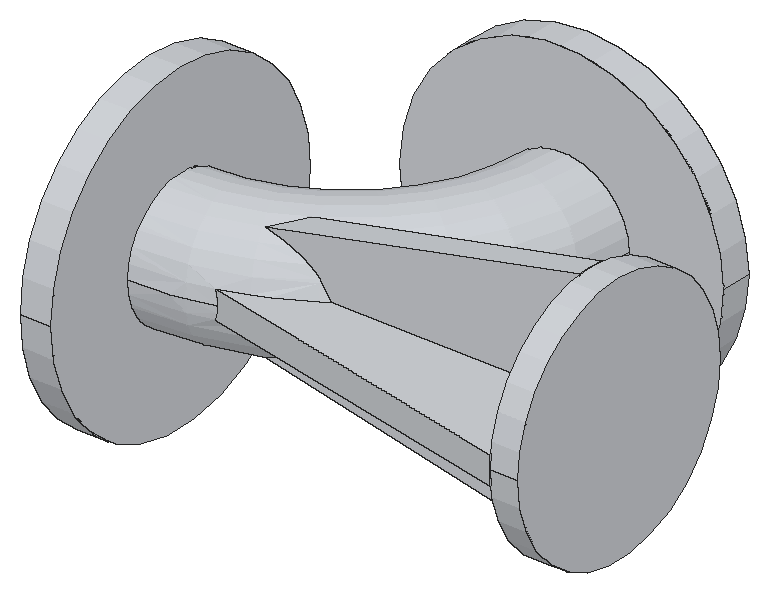
Revit family "d80f64efabd84e8382fbcf704f47d635", category Pipe Fittings, Revit 2021
Family settings
  Round Connector Dimension = Use Radius
  Part Type = Elbow
  OmniClass Number = 23.60.30.11.14
  OmniClass Title = Pipework Fittings
  Seek Item ID = Elbow Round Base - Flanged - CS - Class 150-0000-USA-ENU
  Work Plane-Based = No
  Always vertical = Yes
  Cut with Voids When Loaded = No
  Shared = No
Parameters (values of type "Standard")
  Wall Thickness [instance] = size_lookup(Lookup Table Name, "WThk", 0.02 * Nominal Diameter + 3/16", Nominal Diameter)  # 0.22047"
  Loss Method = K Coefficient from Table
  Lookup Table Name = "Elbow Round Base - Flanged - CS - Class 150"
  Length 7 [instance] = Center to Base + Center to Contact Surface - Length 4 - Flange and Raised Face Thickness  # 6.0751"
  Length 6 [instance] = Center to Contact Surface * sin(Angle)  # 4.48819"
  Length 5 [instance] = Center to Contact Surface + Center to Contact Surface * cos(Angle)  # 4.48819"
  Tick Size [instance] = Flange Outside Diameter * 0.4  # 2.3622"
  Round Base Radius [instance] = Round Base Diameter * 0.5  # 2.30315"
  Round Base Diameter [instance] = size_lookup(Lookup Table Name, "RBD", 0.47 * Nominal Diameter + 4 39/256", Nominal Diameter)  # 4.6063"
  Ribs Thickness [instance] = size_lookup(Lookup Table Name, "RThk", 0.03 * Nominal Diameter + 129/256", Nominal Diameter)  # 0.51181"
  Raised Face Thickness [instance] = 1/16"  # constant formula
  Raised Face Radius [instance] = Raised Face Diameter / 2  # 1.81299"
  Raised Face Diameter [instance] = size_lookup(Lookup Table Name, "RFD", 1.1 * Nominal Diameter + 1 201/256", Nominal Diameter)  # 3.62598"
  Length 4 [instance] = sqrt(2 * Ribs Thickness * Center Radius - Ribs Thickness * Ribs Thickness)  # 1.92146"
  Length 3 [instance] = if(Round Base Radius * 0.3 < Fitting Outside Radius * 0.8, Round Base Radius * 0.3, Fitting Outside Radius * 0.8)  # 0.69094"
  Length 2 [instance] = Flange and Raised Face Thickness - Raised Face Thickness  # 0.56299"
  K Coefficient Table = "Regular Flanged 90 and 180 Elbow"
  Flange Thickness [instance] = size_lookup(Lookup Table Name, "FThk", 0.05 * Nominal Diameter + 145/256", Nominal Diameter)  # 0.56299"
  Fitting Outside Radius [instance] = Fitting Outside Diameter / 2  # 1.22441"
  Fitting Outside Diameter [instance] = Fitting Inside Diameter + Wall Thickness * 2  # 2.44882"
  Length 1 [instance] = (Fitting Outside Radius + 1/32") * tan(Angle / 2) + Flange and Raised Face Thickness  # 1.88115"
  Nominal Radius [instance] = 1"
  Nominal Diameter [instance] = Nominal Radius * 2  # 2"
  Fitting Inside Diameter [instance] = size_lookup(Lookup Table Name, "FID", 0.97 * Nominal Diameter + 35/256", Nominal Diameter)  # 2.00787"
  Default Elevation = 0' - 0"
  Center to Contact Surface 1 [instance] = size_lookup(Lookup Table Name, "CtCS1", 0.77 * Nominal Diameter + 3 53/256", Nominal Diameter)  # 4.48819"
  Center to Contact Surface 2 [instance] = size_lookup(Lookup Table Name, "CtCS2", 0.37 * Nominal Diameter + 2 45/128", Nominal Diameter)  # 2.51969"
  Center to Contact Surface [instance] = if(and(Angle > 0.00°, (not(Angle > 45.00°))), if(Center to Contact Surface 2 > Fitting Outside Radius * tan(Angle / 2) + Flange and Raised Face Thickness, Center to Contact Surface 2, Length 1), if(Center to Contact Surface 1 > Fitting Outside Radius * tan(Angle / 2) + Flange and Raised Face Thickness, Center to Contact Surface 1, Length 1))  # 4.48819"
  Center to Base [instance] = size_lookup(Lookup Table Name, "CtB", 0.68 * Nominal Diameter + 2 15/16", Nominal Diameter)  # 4.13386"
  Center Radius [instance] = (Center to Contact Surface - Flange and Raised Face Thickness) / tan(Angle / 2)  # 3.8627"
  Flange and Raised Face Thickness [instance] = Flange Thickness + Raised Face Thickness  # 0.62549"
  Flange Outside Radius [instance] = Flange Outside Diameter / 2  # 2.95276"
  Flange Outside Diameter [instance] = size_lookup(Lookup Table Name, "FOD", 1.2 * Nominal Diameter + 4 17/256", Nominal Diameter)  # 5.90551"
  Base Thickness [instance] = size_lookup(Lookup Table Name, "BThk", 0.03 * Nominal Diameter + 129/256", Nominal Diameter)  # 0.51181"
  Assembly Code = ""
  Angle [instance] = 90.00°
Reference planes (in)
  plane 1 "Center (Front/Back)": y = 0
  plane 2: z = 0
  plane 3 "Center (Left/Right)": x = 0
  plane 4: x = -3.8627
  plane 5: x = -4.48819
  plane 6: y = 3.8627
  plane 7: y = 2.3622
  plane 8: y = -2.3622
  plane 9: x = -4.42569
  plane 10: x = 3.62205
  plane 11: x = 4.13386
  plane 12: z = 0.25591
  plane 13: z = -0.25591
  plane 14: y = -0.25591
  plane 15: y = 0.25591
  plane 16: y = 0.51181
  plane 17: y = 4.48819
  plane 18: x = 0
Forms (in)
  Sweep 1, solid, detail levels fine
    path in 3D
      loop
        arc (-3.8627, 0, 0) -> (-1.13136, 1.13136, 0) -> (0, 3.8627, 0) r 3.8627
    profile origin (-1.13136, 1.13136, 0) x (-0.707107, 0.707107, 0) y (0, 0, 1)
      loop
        circle (0, 0) r 1.22441
  Sweep 2, solid, detail levels fine
    path in 3D
      loop
        line (-4.42569, 0, 0) -> (-3.8627, 0, 0)
    profile origin (-4.14419, 0, 0) x (0, 1, 0) y (0, 0, 1)
      loop
        circle (0, 0) r 2.95276
  Sweep 3, solid, detail levels fine
    path in 3D
      loop
        line (0, 3.8627, 0) -> (0, 4.42569, 0)
    profile origin (0, 4.14419, 0) x (-1, 0, 0) y (0, 0, 1)
      loop
        circle (0, 0) r 2.95276
  Sweep 4, solid, detail levels fine
    path in 3D
      loop
        line (-4.48819, 0, 0) -> (-4.42569, 0, 0)
    profile origin (-4.45694, 0, 0) x (0, 1, 0) y (0, 0, 1)
      loop
        circle (0, 0) r 1.81299
  Extrusion 5, solid, detail levels fine
    sketch origin (0, 0, 0) x (0, 1, 0) y (0, 0, 1)
      loop
        circle (0, 0) r 2.30315
    from 3.62205 to 4.13386
  Extrusion 6, solid, detail levels fine
    sketch origin (0, 0, 0) x (1, 0, 0) y (0, 1, 0)
      loop
        line (-3.8627, 0.69094) -> (-3.8627, -0.69094) -> (3.62205, -2.30315) -> (3.62205, 2.30315) -> (-3.8627, 0.69094)
    from -0.25591 to 0.25591
  Extrusion 7, solid, detail levels fine
    sketch origin (0, 0, 0) x (1, 0, 0) y (0, 0, 1)
      loop
        line (-3.8627, 0.69094) -> (-3.8627, -0.69094) -> (3.62205, -2.30315) -> (3.62205, 2.30315) -> (-3.8627, 0.69094)
    from -0.25591 to 0.25591
  Sweep 8, solid, detail levels fine
    path in 3D
      loop
        line (0, 4.48819, 0) -> (0, 4.42569, 0)
    profile origin (0, 4.45694, 0) x (1, 0, 0) y (0, 0, 1)
      loop
        circle (0, 0) r 1.81299
Cuts and joins
  joined: Sweep 1, Sweep 2, Sweep 3, Sweep 4, Extrusion 5, Extrusion 6, Extrusion 7, Sweep 8
Lines and regions (in)
  model lines, detail levels coarse+medium
    curve 1: line (-4.42569, 0, 0) -> (-3.8627, 0, 0)
    curve 2: arc (-3.8627, 0, 0) -> (-1.13136, 1.13136, 0) -> (0, 3.8627, 0) r 3.8627
    curve 3: line (0, 3.8627, 0) -> (0, 4.42569, 0)
    curve 8: line (-4.48819, 0, 0) -> (-4.48819, 2.3622, 0)
    curve 9: line (-4.48819, 0, 0) -> (-4.48819, -2.3622, 0)
    curve 10: line (-4.48819, 0, 0) -> (-4.42569, 0, 0)
    curve 12: line (-3.8627, 0, 0) -> (4.13386, 0, 0)
    curve 14: line (0, 4.48819, 0) -> (-2.3622, 4.48819, 0)
    curve 15: line (0, 4.48819, 0) -> (2.3622, 4.48819, 0)
    curve 16: line (0, 4.48819, 0) -> (0, 4.42569, 0)
    curve 18: line (-1.94124, 0.51181, 0) -> (4.13386, 0.51181, 0)
  sketch lines
    curve 4: arc (-3.8627, 0, 0) -> (-1.13136, 1.13136, 0) -> (0, 3.8627, 0) r 3.8627
    curve 5: line (-4.42569, 0, 0) -> (-3.8627, 0, 0)
    curve 6: line (0, 3.8627, 0) -> (0, 4.42569, 0)
    curve 11: line (-4.48819, 0, 0) -> (-4.42569, 0, 0)
    curve 17: line (0, 4.48819, 0) -> (0, 4.42569, 0)
  reference lines
    curve 7: line (-4.48819, 0, 0) -> (-3.8627, 0, 0)
    curve 13: line (0, 4.48819, 0) -> (0, 3.8627, 0)
Dimensions and locks (in)
  "Center Radius": plane 6 to plane 1 "Center (Front/Back)"
  "Flange and Raised Face Thickness": plane 5 to plane 4
  "Tick Size": plane 7 to plane 1 "Center (Front/Back)"
  "Tick Size": plane 8 to plane 1 "Center (Front/Back)"
  "Length 2": curve 3 to curve 3
  "Center to Contact Surface": plane 5 to plane 3 "Center (Left/Right)"
  "Raised Face Thickness": plane 5 to plane 9
  "Center to Base": plane 3 "Center (Left/Right)" to plane 11
  "Base Thickness": plane 10 to plane 11
  equal spacing: Extrusion 6 sketch curve, plane 1 "Center (Front/Back)", Extrusion 6 sketch curve  (x2)
  "Round Base Diameter": Extrusion 6 sketch curve to Extrusion 6 sketch curve
  equal spacing: plane 12, plane 2, plane 13
  "Ribs Thickness": plane 12 to plane 13
  equal spacing: Extrusion 7 sketch curve, plane 2, Extrusion 7 sketch curve  (x2)
  "Length 3": Extrusion 7 sketch curve to plane 2
  "Round Base Diameter": Extrusion 7 sketch curve to Extrusion 7 sketch curve
  "Length 3": plane 1 "Center (Front/Back)" to Extrusion 6 sketch curve
  equal spacing: plane 14, plane 1 "Center (Front/Back)", plane 15
  "Ribs Thickness": plane 14 to plane 15
  "Ribs Thickness": plane 16 to plane 1 "Center (Front/Back)"
  "Length 6": plane 17 to plane 1 "Center (Front/Back)"
  "Length 5": plane 5 to plane 18
  "Tick Size": curve 14 to curve 14
  "Tick Size": curve 15 to curve 15
  "Raised Face Thickness": curve 16 to curve 16
  "Length 7": curve 18 to curve 18
  "Center Radius": radius of curve 2
  "Fitting Outside Radius": radius of Sweep 1 sketch curve
  "Flange Outside Radius": radius of Sweep 2 sketch curve
  "Flange Outside Radius": radius of Sweep 3 sketch curve
  "Raised Face Radius": radius of Sweep 4 sketch curve
  "Round Base Radius": radius of Extrusion 5 sketch curve
  "Raised Face Radius": radius of Sweep 8 sketch curve
  "Angle": angle curve 2 to curve 2
  "Angle": angle plane 1 "Center (Front/Back)" to curve 3
  "Angle": angle plane 1 "Center (Front/Back)" to curve 13
  "Angle": angle plane 3 "Center (Left/Right)" to curve 14
  "Angle": angle plane 3 "Center (Left/Right)" to curve 15
  "Angle": angle plane 1 "Center (Front/Back)" to curve 16
  aligned and locked: plane 4 to curve 2
  aligned and locked: plane 5 to curve 7
  aligned and locked: plane 1 "Center (Front/Back)" to curve 7
  aligned and locked: plane 7 to curve 8
  aligned and locked: plane 1 "Center (Front/Back)" to curve 9
  aligned and locked: plane 8 to curve 9
  aligned and locked: plane 9 to curve 1
  aligned and locked: plane 5 to curve 10
  aligned and locked: plane 2 to Extrusion 5 sketch curve
  aligned and locked: plane 1 "Center (Front/Back)" to Extrusion 5 sketch curve
  aligned and locked: Extrusion 5 to plane 10
  aligned and locked: plane 11 to Extrusion 5
  aligned and locked: plane 10 to Extrusion 6 sketch curve
  aligned and locked: Extrusion 6 sketch curve to plane 4
  aligned and locked: Extrusion 6 to plane 13
  aligned and locked: plane 12 to Extrusion 6
  aligned and locked: Extrusion 7 sketch curve to plane 4
  aligned and locked: plane 10 to Extrusion 7 sketch curve
  aligned and locked: Extrusion 7 to plane 14
  aligned and locked: plane 15 to Extrusion 7
  aligned and locked: plane 4 to curve 12
  aligned and locked: plane 11 to curve 12
  aligned and locked: plane 1 "Center (Front/Back)" to curve 12
  aligned and locked: plane 18 to curve 13
  aligned and locked: plane 17 to curve 13
  aligned and locked: curve 18 to plane 16
Automatic sketch dimensions
  Sweep 1 sketch curve to profile plane = 0' - 0"  (x2)
  Sweep 2 sketch curve to profile plane = 0' - 0"  (x2)
  Sweep 3 sketch curve to profile plane = 0' - 0"  (x2)
  Sweep 4 sketch curve to profile plane = 0' - 0"  (x2)
  Sweep 8 sketch curve to profile plane = 0' - 0"  (x2)
  curve 7 to plane 4 = 0' - 0"
Connectors (in)
  piping at (-4.48819, 0, 0), diameter 2, driven by "Nominal Radius", driven by "Angle"
    settings: on cut or joined group of Sweep 1, Sweep 2, Sweep 3, Sweep 4, Extrusion 5, Extrusion 6, Extrusion 7, Sweep 8, index 1, connector inside diameter 2", connector length 0' - 0", flow factor 0, pipe flow 0 GPM, pressure drop 0.00 psi, fitting loss kfactor 0, connector angle 90.00°, fixture units 0, engagement length 0' - 0", angle of deflection 0.00°, flow configuration 0, flow direction 0, fitting loss method 0, system type 28, joint type 0, gender type 0, connector reference index 2, connector utility 0, adjustable connector no, is connector primary yes, connector description ""
  piping at (0, 4.48819, 0), diameter 2, driven by "Nominal Radius", driven by "Angle"
    settings: on cut or joined group of Sweep 1, Sweep 2, Sweep 3, Sweep 4, Extrusion 5, Extrusion 6, Extrusion 7, Sweep 8, index 2, connector inside diameter 2", connector length 0' - 0", flow factor 0, pipe flow 0 GPM, pressure drop 0.00 psi, fitting loss kfactor 0, connector angle 90.00°, fixture units 0, engagement length 0' - 0", angle of deflection 0.00°, flow configuration 0, flow direction 0, fitting loss method 0, system type 28, joint type 0, gender type 0, connector reference index 1, connector utility 0, adjustable connector no, is connector primary no, connector description ""
